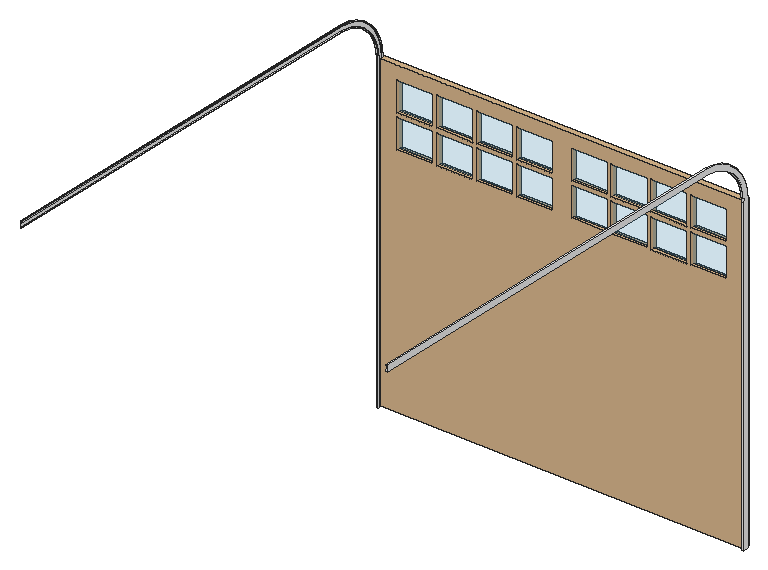
Revit family
Parameters (values of type "7Ft H x 8Ft W")
  Track Width = Width + 0' 2"  # 8' - 2"
  Track Height = Height + 1' 0"  # 8' - 0"
  Track Depth = 10' - 0"
  Track = Metal
  Thickness = 0' - 4"
  SmartBIM Object Version = 1  # constant formula
  SmartBIM Object Created By = "Reed Construction Data"  # constant formula
  Rough Height = 0' - 4"
  Panel Thickness = 0' - 1 1/2"
  Manufacturer = ""
  Height = 7' - 0"
  Wall Closure = (empty or 0)
  Width = 8' - 0"
  Glass = Glass
  Door = Wood
  Assembly Code = ""
  95 CSI = "08360"  # constant formula
  04 CSI = "08 36 13"  # constant formula
Types (2): name | Track Width | Width
  7Ft H x 8Ft W | 8' - 2" | 8' - 0"
  7Ft H x 16Ft W | 16' - 2" | 16' - 0"
Reference planes (in)
  plane 1 "Center (Front/Back)": y = 0
  plane 2 "Center (Left/Right)": x = 0
  plane 3 "Left": x = -48
  plane 4 "Right": x = 48
  plane 5 "Top": z = 84
  plane 6: x = -49
  plane 7: x = 49
  plane 8: y = -2.5
  plane 9: z = 81
  plane 10: z = 63
  plane 11: x = -45
  plane 12: x = -34.25
  plane 13: x = -23.5
  plane 14: x = -2
  plane 15: x = -12.75
  plane 16: z = 72
  plane 17: x = 2
  plane 18: x = 45
  plane 19: x = 34.25
  plane 20: x = 23.5
  plane 21: x = 12.75
  plane 22: y = -2.5
  plane 23: y = -2.5
  plane 24 "Interior": y = -3.25
  plane 25 "Exterior": y = -1.75
  plane 26: y = -1.75
  plane 27: y = -3.25
  plane 28: y = -1.75
  plane 29: z = 34.5
  plane 30: z = 31.5
  plane 31: z = 33
  plane 32: z = 3
  plane 33: z = 60.5
Forms (in)
  Extrusion 1, solid, material "Wood" <- "Door"
    sketch origin (0, 0, 0) x (1, 0, 0) y (0, 0, 1)
      loop
        line (-49, 84) -> (-49, 79.84334) -> (-49, 76.75) -> (-49, 62) -> (-49, 0) -> (49, 0) -> (49, 84) -> (-49, 84)
      loop
        line (-44.5, 80.5) -> (-44.5, 72.5) -> (-34.75, 72.5) -> (-34.75, 80.5) -> (-44.5, 80.5)
      loop
        line (-44.5, 63.5) -> (-34.75, 63.5) -> (-34.75, 71.5) -> (-44.5, 71.5) -> (-44.5, 63.5)
      loop
        line (-24, 80.5) -> (-33.75, 80.5) -> (-33.75, 72.5) -> (-24, 72.5) -> (-24, 80.5)
      loop
        line (-24, 63.5) -> (-24, 71.5) -> (-33.75, 71.5) -> (-33.75, 63.5) -> (-24, 63.5)
      loop
        line (-23, 80.5) -> (-23, 72.5) -> (-13.25, 72.5) -> (-13.25, 80.5) -> (-23, 80.5)
      loop
        line (-23, 63.5) -> (-13.25, 63.5) -> (-13.25, 71.5) -> (-23, 71.5) -> (-23, 63.5)
      loop
        line (-2.5, 80.5) -> (-12.25, 80.5) -> (-12.25, 72.5) -> (-2.5, 72.5) -> (-2.5, 80.5)
      loop
        line (-2.5, 63.5) -> (-2.5, 71.5) -> (-12.25, 71.5) -> (-12.25, 63.5) -> (-2.5, 63.5)
      loop
        line (44.5, 80.5) -> (34.75, 80.5) -> (34.75, 72.5) -> (44.5, 72.5) -> (44.5, 80.5)
      loop
        line (44.5, 63.5) -> (44.5, 71.5) -> (34.75, 71.5) -> (34.75, 63.5) -> (44.5, 63.5)
      loop
        line (24, 80.5) -> (24, 72.5) -> (33.75, 72.5) -> (33.75, 80.5) -> (24, 80.5)
      loop
        line (24, 63.5) -> (33.75, 63.5) -> (33.75, 71.5) -> (24, 71.5) -> (24, 63.5)
      loop
        line (23, 80.5) -> (13.25, 80.5) -> (13.25, 72.5) -> (23, 72.5) -> (23, 80.5)
      loop
        line (23, 63.5) -> (23, 71.5) -> (13.25, 71.5) -> (13.25, 63.5) -> (23, 63.5)
      loop
        line (2.5, 80.5) -> (2.5, 72.5) -> (12.25, 72.5) -> (12.25, 80.5) -> (2.5, 80.5)
      loop
        line (2.5, 63.5) -> (12.25, 63.5) -> (12.25, 71.5) -> (2.5, 71.5) -> (2.5, 63.5)
    from 1.75 to 3.25
  Extrusion 2, solid, material "Glass" <- "Glass"
    sketch origin (0, 0, 0) x (1, 0, 0) y (0, 0, 1)
      loop
        line (44.5, 80.5) -> (34.75, 80.5) -> (34.75, 72.5) -> (44.5, 72.5) -> (44.5, 80.5)
      loop
        line (44.5, 71.5) -> (34.75, 71.5) -> (34.75, 63.5) -> (44.5, 63.5) -> (44.5, 71.5)
      loop
        line (33.75, 71.5) -> (24, 71.5) -> (24, 63.5) -> (33.75, 63.5) -> (33.75, 71.5)
      loop
        line (33.75, 80.5) -> (24, 80.5) -> (24, 72.5) -> (33.75, 72.5) -> (33.75, 80.5)
      loop
        line (23, 80.5) -> (13.25, 80.5) -> (13.25, 72.5) -> (23, 72.5) -> (23, 80.5)
      loop
        line (23, 71.5) -> (13.25, 71.5) -> (13.25, 63.5) -> (23, 63.5) -> (23, 71.5)
      loop
        line (12.25, 71.5) -> (2.5, 71.5) -> (2.5, 63.5) -> (12.25, 63.5) -> (12.25, 71.5)
      loop
        line (12.25, 80.5) -> (2.5, 80.5) -> (2.5, 72.5) -> (12.25, 72.5) -> (12.25, 80.5)
      loop
        line (-2.5, 80.5) -> (-12.25, 80.5) -> (-12.25, 72.5) -> (-2.5, 72.5) -> (-2.5, 80.5)
      loop
        line (-2.5, 71.5) -> (-12.25, 71.5) -> (-12.25, 63.5) -> (-2.5, 63.5) -> (-2.5, 71.5)
      loop
        line (-13.25, 80.5) -> (-23, 80.5) -> (-23, 72.5) -> (-13.25, 72.5) -> (-13.25, 80.5)
      loop
        line (-13.25, 71.5) -> (-23, 71.5) -> (-23, 63.5) -> (-13.25, 63.5) -> (-13.25, 71.5)
      loop
        line (-24, 71.5) -> (-33.75, 71.5) -> (-33.75, 63.5) -> (-24, 63.5) -> (-24, 71.5)
      loop
        line (-24, 80.5) -> (-33.75, 80.5) -> (-33.75, 72.5) -> (-24, 72.5) -> (-24, 80.5)
      loop
        line (-34.75, 80.5) -> (-44.5, 80.5) -> (-44.5, 72.5) -> (-34.75, 72.5) -> (-34.75, 80.5)
      loop
        line (-34.75, 71.5) -> (-44.5, 71.5) -> (-44.5, 63.5) -> (-34.75, 63.5) -> (-34.75, 71.5)
    from 2.375 to 2.625
Lines and regions (in)
  Opening 1
    outline origin (-90, -1.75, 0) x (1, 0, 0) y (0, 0, 1)
      loop
        line (42, 0) -> (138, 0) -> (138, 84) -> (42, 84) -> (42, 0)
  model lines
    curve 1: line (-48, -3.25, 84) -> (49, -3.25, 84)
    curve 2: line (48, -3.25, 0) -> (-48, -3.25, 0)
    curve 3: line (48, -1.75, 0) -> (48, -1.75, 84)
    curve 4: line (-49, -1.75, 84) -> (49, -1.75, 84)
    curve 5: line (-48, -1.75, 84) -> (-48, -1.75, 0)
    curve 8: line (-43.12695, -3.25, 3) -> (-21.81391, -3.25, 31.5)
    curve 9: line (-3.87305, -3.25, 60.5) -> (-23.31652, -3.25, 34.5)
    curve 10: line (46.87305, -3.25, 3) -> (25.56, -3.25, 31.5)
    curve 11: line (2, -3.25, 57.99535) -> (19.57043, -3.25, 34.5)
    curve 12: line (-48, -3.25, 3) -> (-46.87305, -3.25, 3)
    curve 13: line (-48, -3.25, 31.5) -> (-25.56, -3.25, 31.5)
    curve 14: line (-48, -3.25, 34.5) -> (-23.31652, -3.25, 34.5)
    curve 15: line (-48, -3.25, 60.5) -> (-3.87305, -3.25, 60.5)
    curve 16: line (-2, -3.25, 57.99535) -> (-2, -3.25, 34.5)
    curve 17: line (2, -3.25, 57.99535) -> (2, -3.25, 34.5)
    curve 18: line (3.87305, -3.25, 60.5) -> (48, -3.25, 60.5)
    curve 19: line (-25.56, -3.25, 31.5) -> (-46.87305, -3.25, 3)
    curve 20: line (-19.57043, -3.25, 34.5) -> (-2, -3.25, 57.99535)
    curve 21: line (21.81391, -3.25, 31.5) -> (43.12695, -3.25, 3)
    curve 22: line (23.31652, -3.25, 34.5) -> (3.87305, -3.25, 60.5)
    curve 23: line (23.31652, -3.25, 34.5) -> (48, -3.25, 34.5)
    curve 24: line (25.56, -3.25, 31.5) -> (48, -3.25, 31.5)
    curve 25: line (-21.81391, -3.25, 31.5) -> (-2, -3.25, 31.5)
    curve 26: line (-19.57043, -3.25, 34.5) -> (-2, -3.25, 34.5)
    curve 27: line (2, -3.25, 31.5) -> (21.81391, -3.25, 31.5)
    curve 28: line (2, -3.25, 34.5) -> (19.57043, -3.25, 34.5)
    curve 29: line (-2, -3.25, 31.5) -> (-2, -3.25, 3)
    curve 30: line (2, -3.25, 31.5) -> (2, -3.25, 3)
    curve 31: line (-43.12695, -3.25, 3) -> (-2, -3.25, 3)
    curve 32: line (46.87305, -3.25, 3) -> (48, -3.25, 3)
    curve 33: line (2, -3.25, 3) -> (43.12695, -3.25, 3)
    curve 34: line (-48, -3.25, 3) -> (-48, -3.25, 31.5)
    curve 35: line (-48, -3.25, 34.5) -> (-48, -3.25, 60.5)
    curve 36: line (48, -3.25, 3) -> (48, -3.25, 31.5)
    curve 37: line (48, -3.25, 34.5) -> (48, -3.25, 60.5)
    curve 38: line (23.31652, -1.75, 34.5) -> (48, -1.75, 34.5)
    curve 39: line (48, -1.75, 34.5) -> (48, -1.75, 60.5)
    curve 40: line (48, -1.75, 60.5) -> (3.87305, -1.75, 60.5)
    curve 41: line (3.87305, -1.75, 60.5) -> (23.31652, -1.75, 34.5)
    curve 42: line (2, -1.75, 34.5) -> (19.57043, -1.75, 34.5)
    curve 43: line (19.57043, -1.75, 34.5) -> (2, -1.75, 57.99535)
    curve 44: line (2, -1.75, 57.99535) -> (2, -1.75, 34.5)
    curve 45: line (-19.57043, -1.75, 34.5) -> (-2, -1.75, 34.5)
    curve 46: line (-2, -1.75, 34.5) -> (-2, -1.75, 57.99535)
    curve 47: line (-2, -1.75, 57.99535) -> (-19.57043, -1.75, 34.5)
    curve 48: line (-48, -1.75, 34.5) -> (-23.31652, -1.75, 34.5)
    curve 49: line (-23.31652, -1.75, 34.5) -> (-3.87305, -1.75, 60.5)
    curve 50: line (-3.87305, -1.75, 60.5) -> (-48, -1.75, 60.5)
    curve 51: line (-48, -1.75, 60.5) -> (-48, -1.75, 34.5)
    curve 52: line (-48, -1.75, 3) -> (-48, -1.75, 31.5)
    curve 53: line (-48, -1.75, 31.5) -> (-25.56, -1.75, 31.5)
    curve 54: line (-25.56, -1.75, 31.5) -> (-46.87305, -1.75, 3)
    curve 55: line (-43.12695, -1.75, 3) -> (-2, -1.75, 3)
    curve 56: line (-2, -1.75, 3) -> (-2, -1.75, 31.5)
    curve 57: line (-2, -1.75, 31.5) -> (-21.81391, -1.75, 31.5)
    curve 58: line (-21.81391, -1.75, 31.5) -> (-43.12695, -1.75, 3)
    curve 59: line (2, -1.75, 3) -> (43.12695, -1.75, 3)
    curve 60: line (43.12695, -1.75, 3) -> (21.81391, -1.75, 31.5)
    curve 61: line (21.81391, -1.75, 31.5) -> (2, -1.75, 31.5)
    curve 62: line (2, -1.75, 31.5) -> (2, -1.75, 3)
    curve 63: line (46.87305, -1.75, 3) -> (25.56, -1.75, 31.5)
    curve 64: line (25.56, -1.75, 31.5) -> (48, -1.75, 31.5)
    curve 65: line (48, -1.75, 31.5) -> (48, -1.75, 3)
    curve 66: line (46.87305, -1.75, 3) -> (48, -1.75, 3)
  reference lines
    curve 6: line (45, -3.25, 3) -> (2, -3.25, 60.5)
    curve 7: line (-2, -3.25, 60.5) -> (-45, -3.25, 3)
Text (in)
  text "Exterior" at (-74.96733, 27.31104, 0), in view "Ref. Level"
  text "Interior" at (-76.69036, -30.31274, 0), in view "Ref. Level"
  text "Exterior" at (0, 40.15149, 123.01588), in view "Right"
  text "Interior" at (0, -64.39139, 123.01588), in view "Right"
  text "Interior" at (0, -31.01599, 123.00693), in view "Left"
  text "Exterior" at (0, 54.57065, 123.00693), in view "Left"
Dimensions and locks (in)
  equal spacing: plane 3 "Left", plane 2 "Center (Left/Right)", plane 4 "Right"
  "Height": level to plane 5 "Top"
  "Width": plane 3 "Left" to plane 4 "Right"
  locked: plane 6 to plane 3 "Left" at 1
  locked: plane 4 "Right" to plane 7 at 1
  "Panel Thickness": Extrusion 1 to Extrusion 1
  locked: plane 9 to plane 5 "Top" at 3
  locked: plane 10 to plane 9 at 18
  locked: plane 3 "Left" to plane 11 at 3
  locked: plane 2 "Center (Left/Right)" to plane 14 at 2
  equal spacing: plane 14, plane 15, plane 13, plane 12, plane 11
  equal spacing: plane 9, plane 16, plane 10
  locked: plane 9 to Extrusion 1 sketch curve at 0.5  (x8)
  locked: Extrusion 1 sketch curve to plane 11 at 0.5  (x2)
  locked: Extrusion 1 sketch curve to plane 10 at 0.5  (x6)
  locked: plane 12 to Extrusion 1 sketch curve at 0.5  (x2)
  locked: Extrusion 1 sketch curve to plane 16 at 0.5  (x8)
  locked: plane 16 to Extrusion 1 sketch curve at 0.5  (x7)
  locked: plane 17 to plane 2 "Center (Left/Right)" at 2
  locked: plane 18 to plane 4 "Right" at 3
  equal spacing: plane 17, plane 21, plane 20, plane 19, plane 18
  locked: Extrusion 1 sketch curve to plane 18 at 0.5  (x2)
  locked: plane 19 to Extrusion 1 sketch curve at 0.5  (x2)
  locked: plane 20 to Extrusion 1 sketch curve at 0.5  (x2)
  locked: plane 21 to Extrusion 1 sketch curve at 0.5  (x2)
  locked: plane 17 to Extrusion 1 sketch curve at 0.5  (x2)
  locked: plane 14 to Extrusion 1 sketch curve at 0.5  (x2)
  locked: Extrusion 1 sketch curve to plane 15 at 0.5  (x2)
  locked: plane 15 to Extrusion 1 sketch curve at 0.5
  plane 15 to Extrusion 1 sketch curve = 0' - 0 1/2"
  locked: Extrusion 1 sketch curve to plane 13 at 0.5  (x2)
  locked: plane 13 to Extrusion 1 sketch curve at 0.5  (x2)
  locked: Extrusion 1 sketch curve to plane 12 at 0.5  (x2)
  plane 12 to Extrusion 1 sketch curve = 0' - 0 1/2"
  locked: Extrusion 1 sketch curve to plane 21 at 0.5  (x2)
  locked: Extrusion 1 sketch curve to plane 20 at 0.5  (x2)
  locked: Extrusion 1 sketch curve to plane 19 at 0.5  (x2)
  locked: Extrusion 2 to Extrusion 2 at 0.25
  plane 22 to Extrusion 1 = 0' - 0 3/4"
  locked: plane 23 to Extrusion 2 at 0.125
  equal spacing: plane 25 "Exterior", plane 8, plane 27
  "Panel Thickness": plane 25 "Exterior" to plane 24 "Interior"
  locked: plane 10 to Extrusion 1 at 21
  equal spacing: plane 32, plane 31, plane 10
  locked: level to plane 32 at 3
  locked: plane 31 to plane 29 at 1.5
  locked: plane 30 to plane 31 at 1.5
  plane 32 to level = 0' - 3"
  locked: plane 26 to host wall at 2
  equal spacing: curve 11, curve 6, curve 22
  locked: curve 11 to curve 22 at 3
  equal spacing: curve 21, curve 6, curve 10
  locked: curve 21 to curve 10 at 3
  equal spacing: curve 8, curve 7, curve 19, locked at 1.5 each
  locked: curve 19 to curve 8 at 3
  equal spacing: curve 20, curve 7, curve 9
  locked: curve 9 to curve 20 at 3
  locked: plane 33 to plane 10 at 2.5
  aligned and locked: plane 3 "Left" to Opening 1 sketch curve
  aligned and locked: plane 5 "Top" to Opening 1 sketch curve  (x2)
  aligned and locked: Opening 1 sketch curve to plane 4 "Right"
  aligned and locked: Opening 1 sketch curve to level
  aligned and locked: Extrusion 1 sketch curve to plane 6
  aligned and locked: Extrusion 1 sketch curve to plane 7
  aligned and locked: Extrusion 1 sketch curve to level
  aligned and locked: Extrusion 1 sketch curve to host wall
  aligned and locked: Extrusion 2 sketch curve to Extrusion 1  (x64)
  aligned and locked: plane 22 to plane 23
  aligned and locked: Extrusion 1 to curve 1
  aligned and locked: Extrusion 1 to curve 2
  aligned and locked: curve 3 to host wall
  aligned and locked: curve 4 to Extrusion 1
  aligned and locked: curve 5 to host wall
  aligned and locked: plane 24 "Interior" to curve 2
  aligned and locked: plane 22 to plane 8
  aligned and locked: plane 25 "Exterior" to host wall
  aligned and locked: plane 24 "Interior" to plane 27
  aligned and locked: plane 28 to plane 26
  aligned and locked: Extrusion 1 to plane 27
  aligned and locked: plane 32 to curve 6
  aligned and locked: plane 17 to curve 6
  aligned and locked: plane 33 to curve 7
  aligned and locked: plane 32 to curve 12
  aligned and locked: plane 30 to curve 13
  aligned and locked: plane 29 to curve 14
  aligned and locked: plane 33 to curve 15
  aligned and locked: plane 14 to curve 16
  aligned and locked: plane 33 to curve 18
  aligned and locked: plane 32 to curve 21
  aligned and locked: plane 3 "Left" to curve 34
  aligned and locked: plane 4 "Right" to curve 36
  aligned and locked: curve 38 to curve 23
  aligned and locked: curve 39 to curve 37
  aligned and locked: curve 40 to curve 18
  aligned and locked: curve 41 to curve 22
  aligned and locked: curve 42 to curve 28
  aligned and locked: curve 43 to curve 11
  aligned and locked: curve 44 to curve 17
  aligned and locked: curve 45 to curve 26
  aligned and locked: curve 46 to curve 16
  aligned and locked: curve 47 to curve 20
  aligned and locked: curve 48 to curve 14
  aligned and locked: curve 49 to curve 9
  aligned and locked: curve 50 to curve 15
  aligned and locked: curve 51 to curve 35
  aligned and locked: curve 52 to curve 34
  aligned and locked: curve 53 to curve 13
  aligned and locked: curve 54 to curve 19
  aligned and locked: curve 55 to curve 31
  aligned and locked: curve 56 to curve 29
  aligned and locked: curve 57 to curve 25
  aligned and locked: curve 58 to curve 8
  aligned and locked: curve 59 to curve 33
  aligned and locked: curve 60 to curve 21
  aligned and locked: curve 61 to curve 27
  aligned and locked: curve 62 to curve 30
  aligned and locked: curve 63 to curve 10
  aligned and locked: curve 64 to curve 24
  aligned and locked: curve 65 to curve 36
  aligned and locked: curve 66 to curve 32
  aligned and locked: nested 1 to plane 2 "Center (Left/Right)"
  aligned and locked: nested 1 to plane 8
Automatic sketch dimensions
  Extrusion 1 sketch curve to plane 15 = 0' - 0 1/2"
  Extrusion 1 sketch curve to plane 10 = 0' - 1"
  plane 10 to Extrusion 1 sketch curve = 0' - 0 1/2"  (x2)
  Extrusion 1 sketch curve to plane 16 = 0' - 0 1/2"
  Extrusion 1 sketch curve to plane 9 = 0' - 4 1/4"
  Extrusion 1 sketch curve to plane 9 = 0' - 1.15666"
  curve 4 to plane 5 "Top" = 0' - 0"
  curve 4 to plane 7 = 0' - 0"
  curve 5 to plane 3 "Left" = 0' - 0"
  curve 4 to plane 6 = 0' - 0"
  curve 5 to level = 0' - 0"
  curve 3 to level = 0' - 0"
  curve 6 to plane 18 = 0' - 0"
  curve 7 to plane 14 = 0' - 0"
  curve 7 to plane 11 = 0' - 0"
  curve 7 to plane 32 = 0' - 0"
  curve 6 to plane 33 = 0' - 0"
  curve 1 to plane 7 = 0' - 0"
  curve 32 to plane 32 = 0' - 0"
  curve 10 to plane 30 = 0' - 0"
  curve 21 to plane 30 = 0' - 0"
  curve 28 to plane 29 = 0' - 0"
  curve 30 to plane 17 = 0' - 0"
  curve 17 to plane 17 = 0' - 0"
  curve 29 to plane 14 = 0' - 0"
  curve 26 to plane 29 = 0' - 0"
  curve 8 to plane 30 = 0' - 0"
  curve 31 to plane 32 = 0' - 0"
  curve 2 to plane 3 "Left" = 0' - 0"
  curve 14 to plane 3 "Left" = 0' - 0"
  curve 1 to plane 3 "Left" = 0' - 0"
  curve 37 to plane 4 "Right" = 0' - 0"
  curve 37 to plane 29 = 0' - 0"
  curve 2 to plane 4 "Right" = 0' - 0"
  curve 54 to plane 32 = 0' - 0"
  curve 52 to plane 32 = 0' - 0"
  curve 65 to plane 32 = 0' - 0"
  curve 66 to plane 4 "Right" = 0' - 0"
Nested families (in)
  nested 1: "Door Track" at (-0.5, -64, 0), Width <- "Track Width", Height <- "Track Height", Depth <- "Track Depth", type "Door Track"
    with Width 8' - 2", Height 8' - 0", Depth 10' - 0"
Definition of nested family "Door Track"
  Parameters
    Width [instance] = 10' - 0"
    Track = Metal
    Height [instance] = 11' - 0"
    Depth [instance] = 8' - 0"
  Reference planes (in)
    plane 1 "Center (Front/Back)": y = 0
    plane 2: z = 0
    plane 3 "Center (Left/Right)": x = 0.5
    plane 4 "Back": y = 48
    plane 5 "Front": y = -48
    plane 6 "Left": x = -59.5
    plane 7 "Right": x = 60.5
    plane 8 "Top": z = 132
    plane 9 "Center (Up/Down)": z = 66
    plane 10: y = 48.75
    plane 11: y = 49.5
  Forms (in)
    Sweep 1, solid, material "Metal" <- "Track"
      path origin (60.5, 60, 48) x (0, 1, 0) y (0, 0, 1)
        loop
          line (-12, -48) -> (-12, 72)
          arc (-12, 72) -> (-15.51472, 80.48528) -> (-24, 84) r 12
          line (-24, 84) -> (-108, 84)
      profile origin (60.5, -6, 132) x (0, 0, -1) y (1, 0, 0)
        loop
          line (-1.5, 0) -> (-1.375, 0) -> (-1.375, 0.375) -> (-0.125, 0.375) -> (-0.125, 0) -> (0, 0) -> (0, 0.5) -> (-1.5, 0.5) -> (-1.5, 0)
    Sweep 2, solid, material "Metal" <- "Track"
      path origin (-59.5, 60, 48) x (0, 1, 0) y (0, 0, 1)
        loop
          line (-12, -48) -> (-12, 72)
          arc (-12, 72) -> (-15.51472, 80.48528) -> (-24, 84) r 12
          line (-24, 84) -> (-108, 84)
      profile origin (-59.5, -6, 132) x (0, 0, -1) y (1, 0, 0)
        loop
          line (-1.5, 0) -> (-1.5, -0.5) -> (0, -0.5) -> (0, 0) -> (-0.125, 0) -> (-0.125, -0.375) -> (-1.375, -0.375) -> (-1.375, 0) -> (-1.5, 0)
  Dimensions and locks (in)
    equal spacing: plane 6 "Left", plane 3 "Center (Left/Right)", plane 7 "Right"
    "Width": plane 6 "Left" to plane 7 "Right"
    equal spacing: plane 4 "Back", plane 1 "Center (Front/Back)", plane 5 "Front"
    "Depth": plane 4 "Back" to plane 5 "Front"
    "Height": plane 8 "Top" to plane 2
    equal spacing: plane 8 "Top", plane 9 "Center (Up/Down)", level
    locked: Sweep 2 sketch curve to Sweep 2 sketch curve at 0.125  (x3)
    locked: Sweep 2 sketch curve to Sweep 2 sketch curve at 0.5  (x2)
    locked: Sweep 2 sketch curve to Sweep 2 sketch curve at 1.5
    locked: Sweep 1 sketch curve to Sweep 1 sketch curve at 0.5  (x2)
    locked: Sweep 1 sketch curve to Sweep 1 sketch curve at 0.125  (x3)
    locked: Sweep 1 sketch curve to Sweep 1 sketch curve at 1.5
    equal spacing: plane 4 "Back", plane 10, plane 11
    locked: plane 10 to plane 11 at 0.75
    radius of Sweep 1 sketch curve = 1' - 0"
    radius of Sweep 2 sketch curve = 1' - 0"
    aligned and locked: plane 8 "Top" to Sweep 1 sketch curve  (x2)
    aligned and locked: plane 5 "Front" to Sweep 1 sketch curve
    aligned and locked: plane 4 "Back" to Sweep 1 sketch curve
    aligned and locked: plane 4 "Back" to Sweep 2 sketch curve
    aligned and locked: plane 5 "Front" to Sweep 2 sketch curve
    aligned and locked: level to Sweep 2 sketch curve
    aligned and locked: Sweep 2 sketch curve to profile plane  (x2)
    aligned and locked: Sweep 1 sketch curve to profile plane
    aligned and locked: plane 11 to Sweep 1
  Automatic sketch dimensions
    Sweep 1 sketch curve to level = 0' - 0"
    Sweep 2 sketch curve to plane 8 "Top" = 0' - 0"
